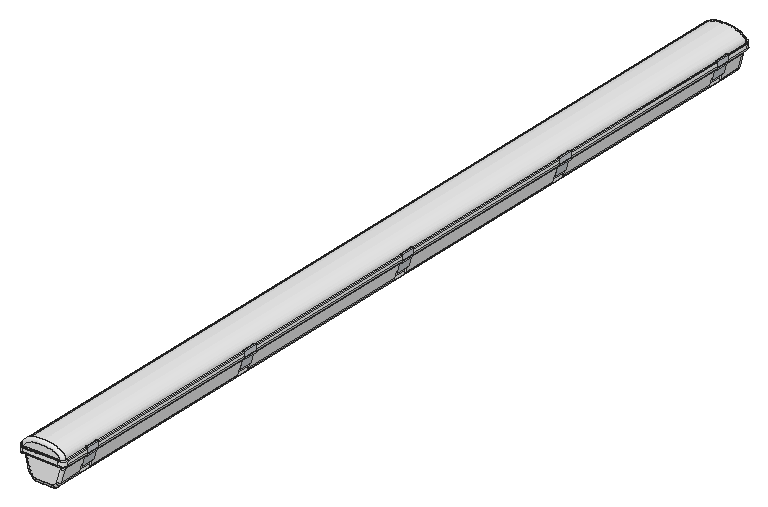
Revit family "0048754 Feilo Sylvania Lighting Fixture SYLPRF SUP LED G3 1500MM S 4K QC D MW", category Lighting Fixtures, host Face, Revit 2016
Family settings
  Host = Face
  Part Type = Normal
  Round Connector Dimension = Use Diameter
  OmniClass Number = 23.80.70.11.14
  OmniClass Title = General Luminaries, Directional
  Cut with Voids When Loaded = No
  Light Source = Yes
  Shared = No
  Room Calculation Point = No
Parameters (values of type "0048754 SYLPRF SUP LED G3 1500MM S 4K QC D MW")
  Width = 84 mm
  Weight = "2.17 kg"
  Wattage Comments = "n/a"
  Wattage = 32 W
  WarrantyStartDate [instance] = "n/a"
  WarrantyGuarantorParts = "n/a"
  WarrantyDurationUnit = "n/a"
  WarrantyDurationParts = "n/a"
  WarrantyDescription = "n/a"
  built-in parameter 1150110 = 1 (stored number, unit not read)
  Voltage = 230 V
  URL = "http://www.sylvania-lighting.com"
  TypeName = "SYLPRF SUP LED G3 1500MM S 4K QC D MW"
  Type Image = <None>
  Type Comments = "n/a"
  built-in parameter 1114217 = 1 (stored number, unit not read)
  Tilt Angle = -90.00°
  built-in parameter 1150109 = 1 (stored number, unit not read)
  built-in parameter 1150134 = 12
  built-in parameter 1150113 = 1 (stored number, unit not read)
  SerialNumber [instance] = "n/a"
  ReflectorMaterial = none
  PowerFactor = 0
  PowerConsumption = "32 W"
  Photometric Web File = "0048754.ies"
  NominalWidth = 0 mm
  NominalLength = 1578 mm
  NominalHeight = 75 mm
  Name = "SYLPRF SUP LED G3 1500MM S 4K QC D MW"
  ModelReference = "SYLPRF SUP LED G3 1500MM S 4K QC D MW"
  ModelNumber = "0048754"
  Model = "SYLPRF SUP LED G3 1500MM S 4K QC D MW"
  Material = "polycarbonate housing, polycarbonate diffuser"
  ManufacturerName = "Feilo Sylvania"
  Manufacturer = "Feilo Sylvania"
  LuminousEfficacy = "150 lm/W"
  built-in parameter 1150105 = 381.97 (stored number, unit not read)
  Lumens = 4800 lm
  LuminaireType = ""
  built-in parameter 1150115 = 1 (stored number, unit not read)
  LightOutputRatio = "n/a"
  built-in parameter 1150137 = (empty or 0)
  built-in parameter 1150139 = (empty or 0)
  Length = 1572 mm
  LampsType = Lamp  # "LED"
  LampNominalLuminous = "4800 lm"
  LampMacAdamStep = "3"
  LampColourTemperature = "4000 K"
  LampColourRenderingIndex = "80"
  built-in parameter 1150112 = 1 (stored number, unit not read)
  built-in parameter 1150114 = 1 (stored number, unit not read)
  Lamp = "LED"
  Keynote = "16500"
  InstallationDate [instance] = "n/a"
  InputVoltage = "220-240V~"
  InputNominalFrequency = "DC/50/60 Hz"
  built-in parameter 1150132 = (empty or 0)
  built-in parameter 1150102 = (empty or 0)
  built-in parameter 1150107 = 4000 (stored number, unit not read)
  built-in parameter 1150138 = (empty or 0)
  IngressProtection = "IP65"
  ImpactProtectionIndex = "IK08"
  built-in parameter 1150106 = 3.8197 (stored number, unit not read)
  IfcExportType = "IfcLightFixtureType"
  IfcExportAs = "IfcLightFixtureType"
  ExpectedLife = 50000
  Emit from Rectangle Width = Width - 20 mm  # 64 mm
  Emit from Rectangle Length = Length - 20 mm  # 1552 mm
  Emit Shape Visible in Rendering = no
  ElectricShockClassification = "Class I"
  built-in parameter 1150104 = 13.935 (stored number, unit not read)
  DurationUnit = "hours"
  DocumentationLiterature = "http://www.sylvania-lighting.com/product/en-int/products/0048754"
  DimmingControlOptions = "Dimmable"
  Dimming Lamp Color Temperature Shift = <None>
  DiffuserMaterial = Diffuser-Sylvania-Transparent
  Description = "Sylproof Superia, integrated LED weatherproof luminaire with quick connector, with UV stabilized flat diffuser and linear prisms designed to achieve uniform lit appearance, optimise light output and to reduce glare, stainless steel diffuser clips and fixing brackets for surface and wall mounting. L 1578 mm x W 84 mm x H 75 mm size, Polycarbonate housing, Polycarbonate diffuser, DALI dimmable, with MW sensor, 4000K, CRI80,  4800 lm, 32 W, 150 lm/W, nominal average life (h):50000, energy class: A++ A+ A Class I,IK08, IP65."
  Default Elevation = 1219.2 mm
  CreatedOn = "3/27/2018"
  CreatedBy = "aron.fodor@feilosylvania.com"
  Cost = 0
  Color Filter = 16777215
  built-in parameter 1114216 [instance] = (empty or 0)
  ClassificationValue = "EF_70_80"
  ClassificationName = "Uniclass2015"
  BodyMaterial = Body-Sylvania-Gray
  BarCode [instance] = "n/a"
  built-in parameter 1114218 = 1 (stored number, unit not read)
  built-in parameter 1150133 = 10 (stored number, unit not read)
  AssetType = "Fixed"
  AssetIdentifier [instance] = "n/a"
  Assembly Code = "D5020200"
  Apparent Load = 32 VA
  AccessoryMaterial = Diffuser-Sylvania-Glow
Reference planes
  plane 1 "Center (Front/Back)": y = 0
  plane 2: z = 0
  plane 3 "Center (Left/Right)": x = 0
  plane 4: z = 54
  plane 5: x = -14.7
  plane 6: x = -21.8
  plane 7: x = -26.6
  plane 8: x = -29.2
  plane 9: z = 3
  plane 10: z = 7.8
  plane 11: z = 12.3
  plane 12: z = 36.6
  plane 13: z = 42.8
  plane 14: x = -38.1
  plane 15: z = 46.2
  plane 16: x = -42
  plane 17: y = 786
  plane 18: y = -786
  plane 19: x = 14.7
  plane 20: x = 21.8
  plane 21: x = 26.6
  plane 22: x = 29.2
  plane 23: x = 38.1
  plane 24: x = 42
  plane 25: y = 778.4
  plane 26: y = -778.4
  plane 27: y = -774.7
  plane 28: y = 774.7
  plane 29: z = 74
  plane 30: x = -38.5
  plane 31: x = 38.5
  plane 32: z = 55.2
  plane 33: y = -782.5
  plane 34: y = 782.5
  plane 35: x = -24.5
  plane 36: x = 24.5
  plane 37: x = -35.7
  plane 38: x = 35.7
  plane 39: z = 50.2
  plane 40: z = 24.6
  plane 41: y = -720
  plane 42: y = -734
  plane 43: y = -706
  plane 44: y = 720
  plane 45: y = -720
  plane 46: y = -734
  plane 47: y = -706
  plane 48: y = 720
  plane 49: y = 706
  plane 50: y = 734
  plane 51: y = -360
  plane 52: y = -374
  plane 53: y = -346
  plane 54: y = 0
  plane 55: y = -14
  plane 56: y = 14
  plane 57: y = 360
  plane 58: y = 346
  plane 59: y = 374
Forms (mm)
  Sweep 1, solid, material "Body-Sylvania-Gray" <- "BodyMaterial", detail levels medium+fine
    path origin (1223.4, -4572, 54) x (0, -1, 0) y (1, 0, 0)
      loop
        arc (-3796, -1265.4) -> (-3788.929, -1262.471) -> (-3786, -1255.4) r 10
        line (-3786, -1255.4) -> (-3786, -1191.4)
        arc (-3786, -1191.4) -> (-3788.929, -1184.329) -> (-3796, -1181.4) r 10
        line (-3796, -1181.4) -> (-5348, -1181.4)
        arc (-5348, -1181.4) -> (-5355.071, -1184.329) -> (-5358, -1191.4) r 10
        line (-5358, -1191.4) -> (-5358, -1255.4)
        arc (-5358, -1255.4) -> (-5355.071, -1262.471) -> (-5348, -1265.4) r 10
        line (-5348, -1265.4) -> (-3796, -1265.4)
    profile origin (-42, 0, 54) x (-1, 0, 0) y (0, 0, 1)
      loop
        line (0, 0) -> (-1, 0) -> (-1, -7.726)
        arc (-1, -7.726) -> (-1.994, -9.498) -> (-3.9, -10.2) r 2.937
        line (-3.9, -10.2) -> (-8.571, -10.2) -> (-8.571, -11.2) -> (-3.9, -11.2)
        arc (-3.9, -11.2) -> (-1.313, -10.231) -> (0, -7.8) r 3.937
        line (0, -7.8) -> (0, 0)
  Sweep 2, solid, material "Body-Sylvania-Gray" <- "BodyMaterial", detail levels medium+fine
    path origin (0, 0, 0) x (1, 0, 0) y (0, 0, 1)
      loop
        line (35.7, 42.8) -> (35.7, 36.6) -> (29.203, 12.31)
        arc (29.203, 12.31) -> (28.199, 9.884) -> (26.6, 7.8) r 10.052
        line (26.6, 7.8) -> (21.8, 3)
        arc (21.8, 3) -> (18.554, 0.781) -> (14.7, 0) r 9.902
        line (14.7, 0) -> (0, 0) -> (-14.7, 0)
        arc (-14.7, 0) -> (-18.554, 0.781) -> (-21.8, 3) r 9.902
        line (-21.8, 3) -> (-26.6, 7.8)
        arc (-26.6, 7.8) -> (-28.199, 9.884) -> (-29.203, 12.31) r 10.052
        line (-29.203, 12.31) -> (-35.7, 36.6) -> (-35.7, 42.8)
    profile origin (0, 0, 0) x (0, 0, -1) y (0, -1, 0)
      loop
        arc (0, 773.4) -> (-1.464, 776.936) -> (-5, 778.4) r 5
        line (-5, 778.4) -> (-7.8, 778.4) -> (-7.8, -778.4) -> (-5, -778.4)
        arc (-5, -778.4) -> (-1.464, -776.936) -> (0, -773.4) r 5
        line (0, -773.4) -> (0, 773.4)
  Extrusion 3, solid, material "Body-Sylvania-Gray" <- "BodyMaterial", detail levels medium+fine
    sketch origin (1524, 778.4, 1219.2) x (1, 0, 0) y (0, 0, 1)
      loop
        arc (-1545.668, -1204.874) -> (-1545.443, -1205.418) -> (-1545.085, -1205.885) r 2.252
        line (-1545.085, -1205.885) -> (-1540.231, -1210.738)
        arc (-1540.231, -1210.738) -> (-1539.534, -1211.227) -> (-1538.7, -1211.4) r 2.102
        line (-1538.7, -1211.4) -> (-1509.3, -1211.4)
        arc (-1509.3, -1211.4) -> (-1508.466, -1211.227) -> (-1507.769, -1210.738) r 2.102
        line (-1507.769, -1210.738) -> (-1502.915, -1205.885)
        arc (-1502.915, -1205.885) -> (-1502.557, -1205.418) -> (-1502.332, -1204.874) r 2.252
        line (-1502.332, -1204.874) -> (-1496.1, -1181.575) -> (-1496.1, -1176.4) -> (-1551.9, -1176.4) -> (-1551.9, -1181.575) -> (-1545.668, -1204.874)
    from 0 to 1556.8
  Sweep 4, solid, material "Diffuser-Sylvania-Transparent" <- "DiffuserMaterial", detail levels medium+fine
    path origin (0, 0, 0) x (1, 0, 0) y (0, 0, 1)
      loop
        spline (-38.5, 55.2) -> (-37.188, 60.066) -> (-33.342, 64.6) -> (-27.224, 68.494) -> (-19.25, 71.481) -> (-9.965, 73.359) -> (0, 74) -> (9.965, 73.359) -> (19.25, 71.481) -> (27.224, 68.494) -> (33.342, 64.6) -> (37.188, 60.066) -> (38.5, 55.2)
    profile origin (38.5, 0, 55.2) x (0, -1, 0) y (1, 0, 0)
      loop
        arc (782.5, -5.5) -> (780.889, -1.611) -> (777, 0) r 5.5
        line (777, 0) -> (-777, 0)
        arc (-777, 0) -> (-780.889, -1.611) -> (-782.5, -5.5) r 5.5
        line (-782.5, -5.5) -> (-782.5, -6.3) -> (-781.5, -6.3) -> (-781.5, -5.5)
        arc (-781.5, -5.5) -> (-780.182, -2.318) -> (-777, -1) r 4.5
        line (-777, -1) -> (777, -1)
        arc (777, -1) -> (780.182, -2.318) -> (781.5, -5.5) r 4.5
        line (781.5, -5.5) -> (781.5, -6.347) -> (782.5, -6.347) -> (782.5, -5.5)
  Extrusion 5, solid, material "Diffuser-Sylvania-Transparent" <- "DiffuserMaterial", detail levels medium+fine
    sketch origin (1524, -782.5, 1219.2) x (1, 0, 0) y (0, 0, 1)
      loop
        line (-1556.653, -1164) -> (-1491.347, -1164)
        spline (-1491.347, -1164) -> (-1491.939, -1161.945) -> (-1494.434, -1159.066) -> (-1499.342, -1155.96) -> (-1506.338, -1153.35) -> (-1514.799, -1151.648) -> (-1524, -1151.047) -> (-1533.201, -1151.648) -> (-1541.662, -1153.35) -> (-1548.658, -1155.96) -> (-1553.566, -1159.066) -> (-1556.061, -1161.945) -> (-1556.653, -1164)
    from 0 to -1
  Extrusion 6, solid, material "Diffuser-Sylvania-Transparent" <- "DiffuserMaterial", detail levels medium+fine
    sketch origin (1524, 782.5, 1219.2) x (1, 0, 0) y (0, 0, 1)
      loop
        spline (-1491.3, -1164) -> (-1491.898, -1161.922) -> (-1494.404, -1159.03) -> (-1499.322, -1155.918) -> (-1506.325, -1153.305) -> (-1514.793, -1151.602) -> (-1524, -1151) -> (-1533.207, -1151.602) -> (-1541.675, -1153.305) -> (-1548.678, -1155.918) -> (-1553.596, -1159.03) -> (-1556.102, -1161.922) -> (-1556.7, -1164)
        line (-1556.7, -1164) -> (-1491.3, -1164)
    from 0 to 1
  Extrusion 7, solid, material "Diffuser-Sylvania-Glow" <- "AccessoryMaterial", detail levels fine
    sketch origin (0, 0, 0) x (1, 0, 0) y (0, 0, 1)
      loop
        circle (0, 50.2) r 8
    from -774.7 to 774.7
  Extrusion 8, void
    sketch origin (0, -720, 2343.807) x (0, 0, -1) y (-1, 0, 0)
      loop
        line (2340.807, -24.5) -> (2331.507, -24.5) -> (2319.207, -29.2) -> (2319.207, -35.7) -> (2340.807, -35.7) -> (2340.807, -24.5)
      loop
        line (2340.807, 24.5) -> (2340.807, 35.7) -> (2319.207, 35.7) -> (2319.207, 29.2) -> (2331.507, 24.5) -> (2340.807, 24.5)
    from 14 to -14
  Extrusion 9, void, not visible
    sketch origin (0, -720, 2343.807) x (0, 0, -1) y (-1, 0, 0)
      loop
        line (2340.807, -24.5) -> (2331.507, -24.5) -> (2319.207, -29.2) -> (2319.207, -35.7) -> (2340.807, -35.7) -> (2340.807, -24.5)
      loop
        line (2340.807, 24.5) -> (2340.807, 35.7) -> (2319.207, 35.7) -> (2319.207, 29.2) -> (2331.507, 24.5) -> (2340.807, 24.5)
    from 14 to -14
  Extrusion 10, void
    sketch origin (0, 720, 2343.807) x (0, 0, -1) y (-1, 0, 0)
      loop
        line (2340.807, -24.5) -> (2331.507, -24.5) -> (2319.207, -29.2) -> (2319.207, -35.7) -> (2340.807, -35.7) -> (2340.807, -24.5)
      loop
        line (2340.807, 24.5) -> (2340.807, 35.7) -> (2319.207, 35.7) -> (2319.207, 29.2) -> (2331.507, 24.5) -> (2340.807, 24.5)
    from 14 to -14
  Extrusion 11, void
    sketch origin (0, -360, 2343.807) x (0, 0, -1) y (-1, 0, 0)
      loop
        line (2340.807, -24.5) -> (2331.507, -24.5) -> (2319.207, -29.2) -> (2319.207, -35.7) -> (2340.807, -35.7) -> (2340.807, -24.5)
      loop
        line (2340.807, 24.5) -> (2340.807, 35.7) -> (2319.207, 35.7) -> (2319.207, 29.2) -> (2331.507, 24.5) -> (2340.807, 24.5)
    from 14 to -14
  Extrusion 12, void
    sketch origin (0, 0, 2343.807) x (0, 0, -1) y (-1, 0, 0)
      loop
        line (2340.807, -24.5) -> (2331.507, -24.5) -> (2319.207, -29.2) -> (2319.207, -35.7) -> (2340.807, -35.7) -> (2340.807, -24.5)
      loop
        line (2340.807, 24.5) -> (2340.807, 35.7) -> (2319.207, 35.7) -> (2319.207, 29.2) -> (2331.507, 24.5) -> (2340.807, 24.5)
    from 14 to -14
  Extrusion 13, void
    sketch origin (0, 360, 2343.807) x (0, 0, -1) y (-1, 0, 0)
      loop
        line (2340.807, -24.5) -> (2331.507, -24.5) -> (2319.207, -29.2) -> (2319.207, -35.7) -> (2340.807, -35.7) -> (2340.807, -24.5)
      loop
        line (2340.807, 24.5) -> (2340.807, 35.7) -> (2319.207, 35.7) -> (2319.207, 29.2) -> (2331.507, 24.5) -> (2340.807, 24.5)
    from 14 to -14
  Extrusion 14, solid, material "Diffuser-Sylvania-Transparent" <- "DiffuserMaterial", detail levels medium+fine
    sketch origin (1223.4, -4572, 54) x (0, -1, 0) y (-1, 0, 0)
      loop
        arc (-5348, 1265.4) -> (-5355.071, 1262.471) -> (-5358, 1255.4) r 10
        line (-5358, 1255.4) -> (-5358, 1191.4)
        arc (-5358, 1191.4) -> (-5355.071, 1184.329) -> (-5348, 1181.4) r 10
        line (-5348, 1181.4) -> (-3796, 1181.4)
        arc (-3796, 1181.4) -> (-3788.929, 1184.329) -> (-3786, 1191.4) r 10
        line (-3786, 1191.4) -> (-3786, 1255.4)
        arc (-3786, 1255.4) -> (-3788.929, 1262.471) -> (-3796, 1265.4) r 10
        line (-3796, 1265.4) -> (-5348, 1265.4)
      loop
        arc (-5354.5, 1190.394) -> (-5352.887, 1186.509) -> (-5349, 1184.9) r 5.5
        line (-5349, 1184.9) -> (-3795, 1184.9)
        arc (-3795, 1184.9) -> (-3791.113, 1186.509) -> (-3789.5, 1190.394) r 5.5
        line (-3789.5, 1190.394) -> (-3789.5, 1256.406)
        arc (-3789.5, 1256.406) -> (-3791.113, 1260.291) -> (-3795, 1261.9) r 5.5
        line (-3795, 1261.9) -> (-5349, 1261.9)
        arc (-5349, 1261.9) -> (-5352.887, 1260.291) -> (-5354.5, 1256.406) r 5.5
        line (-5354.5, 1256.406) -> (-5354.5, 1190.394)
    from 0 to -1.2
  Extrusion 15, solid, material "Body-Sylvania-Gray" <- "BodyMaterial", detail levels coarse
    sketch origin (0, 0, 0) x (1, 0, 0) y (0, 0, 1)
      loop
        line (-42, 55.2) -> (-42, 42.8) -> (-26.6, 0) -> (26.6, 0) -> (42, 42.8) -> (42, 55.2) -> (-42, 55.2)
    from -786 to 786
  Extrusion 16, solid, material "Diffuser-Sylvania-Transparent" <- "DiffuserMaterial", detail levels coarse
    sketch origin (0, 0, 0) x (1, 0, 0) y (0, 0, 1)
      loop
        line (-38.5, 55.2) -> (38.5, 55.2)
        arc (38.5, 55.2) -> (0, 74) -> (-38.5, 55.2) r 48.822
    from -778.4 to 778.4
Cuts and joins
  Extrusion 8, Extrusion 10, Extrusion 11, Extrusion 12, Extrusion 13 cuts Sweep 2
  Extrusion 8, Extrusion 10, Extrusion 11, Extrusion 12, Extrusion 13 cuts Extrusion 3
  joined: Sweep 2, Extrusion 3
  joined: Sweep 4, Extrusion 5, Extrusion 6, Extrusion 14
Dimensions and locks
  locked: plane 4 to plane 2 at 54
  plane 5 to plane 6 to plane 7 to plane 8 to plane 14 to plane 16 = 7.1 mm locked, 4.8 mm locked, 2.6 mm locked, 8.9 mm locked, 3.9 mm locked
  plane 4 to plane 15 to plane 13 to plane 12 to plane 11 to plane 10 to plane 9 = 7.8 mm locked, 3.4 mm, 6.2 mm locked, 24.3 mm locked, 4.5 mm locked, 4.8 mm locked
  equal spacing: plane 18, plane 1 "Center (Front/Back)", plane 17
  "Length": plane 18 to plane 17
  plane 19 to plane 20 to plane 21 to plane 22 to plane 23 to plane 24 = 7.1 mm locked, 4.8 mm locked, 2.6 mm locked, 8.9 mm, 3.9 mm
  equal spacing: plane 24, plane 3 "Center (Left/Right)", plane 16
  "Width": plane 24 to plane 16
  equal spacing: plane 27, plane 1 "Center (Front/Back)", plane 28
  locked: plane 26 to plane 27 at 3.7
  locked: Sweep 1 sketch curve to profile plane at 1
  locked: Sweep 1 sketch curve to plane 13 at 1
  locked: Sweep 1 sketch curve to plane 13 at 3.937  (x2)
  locked: Sweep 1 sketch curve to profile plane at 3.9  (x2)
  plane 29 to plane 4 = 20 mm
  equal spacing: plane 31, plane 3 "Center (Left/Right)", plane 30
  locked: plane 30 to plane 16 at 3.5
  locked: plane 32 to plane 4 at 1.2
  equal spacing: plane 33, plane 1 "Center (Front/Back)", plane 34
  equal spacing: plane 36, plane 3 "Center (Left/Right)", plane 35
  locked: plane 34 to plane 17 at 3.5
  equal spacing: plane 38, plane 3 "Center (Left/Right)", plane 37
  locked: plane 37 to plane 16 at 6.3
  equal spacing: plane 25, plane 1 "Center (Front/Back)", plane 26
  locked: plane 17 to plane 25 at 7.6
  locked: Sweep 2 sketch curve to plane 2 at 5  (x2)
  locked: Sweep 2 sketch curve to plane 26 at 5
  locked: plane 25 to Sweep 2 sketch curve at 5
  locked: Sweep 4 sketch curve to plane 31 at 5.5  (x2)
  locked: Sweep 4 sketch curve to plane 34 at 5.5
  plane 33 to Sweep 4 sketch curve = 5.5 mm
  locked: plane 34 to Sweep 4 sketch curve at 1
  locked: Sweep 4 sketch curve to plane 31 at 1
  locked: Sweep 4 sketch curve to Sweep 4 sketch curve at 1
  locked: Sweep 4 sketch curve to plane 31 at 6.347
  locked: Sweep 4 sketch curve to plane 31 at 6.3
  locked: plane 40 to plane 2 at 24.6
  locked: plane 6 to plane 35 at 2.7
  locked: plane 1 "Center (Front/Back)" to plane 41 at 720
  plane 43 to plane 41 to plane 42 = 14 mm locked, 14 mm locked
  locked: plane 44 to plane 1 "Center (Front/Back)" at 720
  plane 47 to plane 45 to plane 46 = 14 mm locked, 14 mm locked
  plane 50 to plane 48 to plane 49 = 14 mm locked, 14 mm locked  (x2)
  equal spacing: group 1, group 6, group 7, group 8, group 5  (x3)
  plane 53 to plane 51 to plane 52 = 14 mm locked, 14 mm locked  (x2)
  plane 56 to plane 54 to plane 55 = 14 mm locked, 14 mm locked  (x2)
  plane 59 to plane 57 to plane 58 = 14 mm locked, 14 mm locked  (x2)
  plane 48 to plane 57 to plane 1 "Center (Front/Back)" to plane 51 to plane 41 = 360 mm locked, 360 mm locked, 360 mm locked, 360 mm locked
  aligned and locked: plane 2 to host face
  aligned and locked: level to host face
  aligned and locked: plane 16 to Sweep 1 sketch curve
  aligned and locked: Sweep 1 sketch curve to plane 24
  aligned and locked: plane 18 to Sweep 1 sketch curve
  aligned and locked: Sweep 1 sketch curve to plane 13
  aligned and locked: profile plane to Sweep 1 sketch curve
  aligned and locked: plane 3 "Center (Left/Right)" to Sweep 2 sketch curve
  aligned and locked: plane 9 to Sweep 2 sketch curve
  aligned and locked: plane 10 to Sweep 2 sketch curve
  aligned and locked: plane 37 to Sweep 2 sketch curve
  aligned and locked: plane 12 to Sweep 2 sketch curve
  aligned and locked: Sweep 2 sketch curve to level
  aligned and locked: plane 21 to Sweep 2 sketch curve
  aligned and locked: plane 38 to Sweep 2 sketch curve
  aligned and locked: profile plane to Sweep 2 sketch curve
  aligned and locked: plane 25 to Sweep 2 sketch curve
  aligned and locked: Sweep 2 sketch curve to plane 10
  aligned and locked: Extrusion 3 sketch curve to Sweep 2  (x7)
  aligned and locked: Sweep 2 to Extrusion 3 sketch curve
  aligned and locked: Extrusion 3 to plane 25
  aligned and locked: plane 26 to Extrusion 3
  aligned and locked: plane 32 to Sweep 4 sketch curve
  aligned and locked: plane 33 to Sweep 4 sketch curve
  aligned and locked: Sweep 4 to Extrusion 5
  aligned and locked: plane 33 to Extrusion 5
  aligned and locked: plane 39 to Extrusion 7 sketch curve
  aligned and locked: plane 27 to Extrusion 7
  aligned and locked: Extrusion 7 to plane 28
  aligned and locked: Extrusion 6 sketch curve to Sweep 4
  aligned and locked: Extrusion 5 sketch curve to Sweep 4
  aligned and locked: Extrusion 8 to plane 43
  aligned and locked: plane 42 to Extrusion 8
  aligned and locked: Extrusion 10 to plane 50
  aligned and locked: plane 49 to Extrusion 10
  aligned and locked: Extrusion 11 to plane 53
  aligned and locked: plane 52 to Extrusion 11
  aligned and locked: Extrusion 12 to plane 56
  aligned and locked: plane 55 to Extrusion 12
  aligned and locked: Extrusion 13 to plane 59
  aligned and locked: plane 58 to Extrusion 13
  aligned and locked: plane 3 "Center (Left/Right)" to Extrusion 7 sketch curve
  aligned and locked: Extrusion 14 sketch curve to Sweep 1  (x4)
  aligned and locked: Extrusion 14 to plane 32
  aligned and locked: plane 4 to Extrusion 14
  aligned and locked: plane 48 to nested 1
  aligned and locked: plane 57 to nested 2
  aligned and locked: plane 54 to nested 3
  aligned and locked: nested 4 to plane 51
  aligned and locked: nested 5 to plane 41
  aligned and locked: plane 41 to nested 10
  aligned and locked: plane 51 to nested 9
  aligned and locked: plane 54 to nested 8
  aligned and locked: plane 57 to nested 7
  aligned and locked: plane 48 to nested 6
  aligned and locked: plane 1 "Center (Front/Back)" to imposter light
  aligned and locked: plane 3 "Center (Left/Right)" to imposter light
  aligned and locked: imposter light to plane 29
  aligned and locked: plane 7 to Extrusion 15 sketch curve
  aligned and locked: plane 2 to Extrusion 15 sketch curve
  aligned and locked: Extrusion 15 sketch curve to nested 6
  aligned and locked: Extrusion 15 sketch curve to nested 1
  aligned and locked: plane 18 to Extrusion 15
  aligned and locked: Extrusion 15 to plane 17
  aligned and locked: Extrusion 15 to Sweep 1  (x2)
  aligned and locked: plane 30 to Extrusion 16 sketch curve
  aligned and locked: plane 31 to Extrusion 16 sketch curve
  aligned and locked: Extrusion 16 sketch curve to cut or joined group of Sweep 4, Extrusion 5, Extrusion 6, Extrusion 14
  aligned and locked: Extrusion 16 to plane 25
  aligned and locked: plane 26 to Extrusion 16
Automatic sketch dimensions
  host sketch curve to host sketch curve = 2438.4 mm  (x2)
  plane 17 to Sweep 1 sketch curve = 0 mm
  Sweep 1 sketch curve to plane 28 = 1.3 mm
  Sweep 1 sketch curve to plane 7 = 5.4 mm
  plane 27 to Sweep 1 sketch curve = 1.3 mm  (x2)
  Sweep 1 sketch curve to Sweep 1 sketch curve = 4.671 mm
  Sweep 1 sketch curve to plane 4 = 0 mm
  Sweep 2 sketch curve to plane 7 = 0 mm
  Sweep 2 sketch curve to plane 6 = 0 mm
  Sweep 2 sketch curve to plane 5 = 0 mm
  plane 19 to Sweep 2 sketch curve = 0 mm
  Sweep 2 sketch curve to plane 9 = 0 mm
  plane 20 to Sweep 2 sketch curve = 0 mm
  Sweep 2 sketch curve to plane 12 = 0 mm
  Sweep 2 sketch curve to plane 10 = 0 mm
  Sweep 2 sketch curve to plane 13 = 0 mm  (x2)
  Sweep 2 sketch curve to plane 8 = 0.003 mm
  plane 6 to Sweep 2 sketch curve = 2.308 mm
  plane 20 to Sweep 2 sketch curve = 2.308 mm
  Sweep 2 sketch curve to plane 22 = 0.003 mm
  Sweep 2 sketch curve to plane 11 = 0.01 mm  (x2)
  Extrusion 3 sketch curve to plane 5 = 0 mm
  plane 19 to Extrusion 3 sketch curve = 0 mm
  plane 6 to Extrusion 3 sketch curve = 0.132 mm
  plane 6 to Extrusion 3 sketch curve = 0.715 mm
  Extrusion 3 sketch curve to Extrusion 3 sketch curve = 1.592 mm
  Extrusion 3 sketch curve to plane 10 = 0.662 mm  (x2)
  plane 20 to Extrusion 3 sketch curve = 2.308 mm
  plane 20 to Extrusion 3 sketch curve = 0.715 mm
  plane 20 to Extrusion 3 sketch curve = 0.132 mm
  Sweep 4 sketch curve to plane 30 = 0 mm
  Sweep 4 sketch curve to plane 3 "Center (Left/Right)" = 0 mm
  Sweep 4 sketch curve to Sweep 4 sketch curve = 0 mm  (x2)
  plane 37 to Extrusion 6 sketch curve = 3 mm
  Extrusion 6 sketch curve to plane 38 = 3 mm
  plane 37 to Extrusion 5 sketch curve = 3.047 mm
  Extrusion 5 sketch curve to plane 38 = 3.047 mm
  Extrusion 8 sketch curve to Extrusion 8 sketch curve = 0 mm
  Extrusion 8 sketch curve to Extrusion 8 sketch curve = 12.3 mm  (x2)
  Extrusion 8 sketch curve to Extrusion 8 sketch curve = 9.3 mm  (x2)
  Extrusion 8 sketch curve to Extrusion 8 sketch curve = 6.5 mm  (x2)
  Extrusion 8 sketch curve to Extrusion 8 sketch curve = 4.7 mm  (x2)
  Extrusion 8 sketch curve to Extrusion 8 sketch curve = 49 mm
  Extrusion 9 sketch curve to Extrusion 9 sketch curve = 0 mm
  Extrusion 9 sketch curve to Extrusion 9 sketch curve = 12.3 mm  (x2)
  Extrusion 9 sketch curve to Extrusion 9 sketch curve = 9.3 mm  (x2)
  Extrusion 9 sketch curve to Extrusion 9 sketch curve = 6.5 mm  (x2)
  Extrusion 9 sketch curve to Extrusion 9 sketch curve = 4.7 mm  (x2)
  Extrusion 9 sketch curve to Extrusion 9 sketch curve = 49 mm
  Extrusion 10 sketch curve to Extrusion 10 sketch curve = 0 mm
  Extrusion 10 sketch curve to Extrusion 10 sketch curve = 12.3 mm  (x2)
  Extrusion 10 sketch curve to Extrusion 10 sketch curve = 9.3 mm  (x2)
  Extrusion 10 sketch curve to Extrusion 10 sketch curve = 6.5 mm  (x2)
  Extrusion 10 sketch curve to Extrusion 10 sketch curve = 4.7 mm  (x2)
  Extrusion 10 sketch curve to Extrusion 10 sketch curve = 49 mm
  Extrusion 11 sketch curve to Extrusion 11 sketch curve = 0 mm
  Extrusion 11 sketch curve to Extrusion 11 sketch curve = 12.3 mm  (x2)
  Extrusion 11 sketch curve to Extrusion 11 sketch curve = 9.3 mm  (x2)
  Extrusion 11 sketch curve to Extrusion 11 sketch curve = 6.5 mm  (x2)
  Extrusion 11 sketch curve to Extrusion 11 sketch curve = 4.7 mm  (x2)
  Extrusion 11 sketch curve to Extrusion 11 sketch curve = 49 mm
  Extrusion 12 sketch curve to Extrusion 12 sketch curve = 0 mm
  Extrusion 12 sketch curve to Extrusion 12 sketch curve = 12.3 mm  (x2)
  Extrusion 12 sketch curve to Extrusion 12 sketch curve = 9.3 mm  (x2)
  Extrusion 12 sketch curve to Extrusion 12 sketch curve = 6.5 mm  (x2)
  Extrusion 12 sketch curve to Extrusion 12 sketch curve = 4.7 mm  (x2)
  Extrusion 12 sketch curve to Extrusion 12 sketch curve = 49 mm
  Extrusion 13 sketch curve to Extrusion 13 sketch curve = 0 mm
  Extrusion 13 sketch curve to Extrusion 13 sketch curve = 12.3 mm  (x2)
  Extrusion 13 sketch curve to Extrusion 13 sketch curve = 9.3 mm  (x2)
  Extrusion 13 sketch curve to Extrusion 13 sketch curve = 6.5 mm  (x2)
  Extrusion 13 sketch curve to Extrusion 13 sketch curve = 4.7 mm  (x2)
  Extrusion 13 sketch curve to Extrusion 13 sketch curve = 49 mm
  Extrusion 14 sketch curve to plane 34 = 0 mm
  plane 30 to Extrusion 14 sketch curve = 0 mm
  Extrusion 14 sketch curve to plane 31 = 0 mm
  plane 33 to Extrusion 14 sketch curve = 0 mm
  plane 25 to Extrusion 14 sketch curve = 1.4 mm  (x4)
  Extrusion 14 sketch curve to plane 26 = 1.4 mm  (x4)
  plane 37 to Extrusion 14 sketch curve = 2.694 mm  (x2)
  Extrusion 14 sketch curve to plane 38 = 2.694 mm  (x2)
  plane 21 to Extrusion 15 sketch curve = 0 mm
  Extrusion 15 sketch curve to plane 13 = 0 mm  (x2)
  Extrusion 15 sketch curve to plane 32 = 0 mm
  Extrusion 16 sketch curve to plane 40 = 0.578 mm
  radius of Extrusion 7 sketch curve = 8 mm
Nested families
  nested 1: "Clip" at (-29.2, 720, 24.6) x (-1, 0, 0) z (0, 0, 1), type "Clip", detail levels fine
  nested 2: "Clip" at (-29.2, 360, 24.6) x (-1, 0, 0) z (0, 0, 1), type "Clip", detail levels fine
  nested 3: "Clip" at (-29.2, 0, 24.6) x (-1, 0, 0) z (0, 0, 1), type "Clip", detail levels fine
  nested 4: "Clip" at (-29.2, -360, 24.6) x (-1, 0, 0) z (0, 0, 1), type "Clip", detail levels fine
  nested 5: "Clip" at (-29.2, -720, 24.6) x (-1, 0, 0) z (0, 0, 1), type "Clip", detail levels fine
  nested 6: "Clip" at (29.2, 720, 24.6), type "Clip", detail levels fine
  nested 7: "Clip" at (29.2, 360, 24.6), type "Clip", detail levels fine
  nested 8: "Clip" at (29.2, 0, 24.6), type "Clip", detail levels fine
  nested 9: "Clip" at (29.2, -360, 24.6), type "Clip", detail levels fine
  nested 10: "Clip" at (29.2, -720, 24.6), type "Clip", detail levels fine
Connectors
  electrical at (0, 0, 0), driven by "Apparent Load"
    settings: index 1, voltage 230 V, apparent load 32 VA, apparent load phase1 0 VA, apparent load phase2 0 VA, apparent load phase3 0 VA, power factor 0, load classification "Lighting", number of poles 1, system type 30, power factor state 1, is connector primary yes, connector utility no, sub classification motor no, connector description ""
Definition of nested family "Clip"
  Parameters (values of type "Clip")
    URL = "http://www.feilosylvania.com"
    Type Comments = "n/a"
    Model = "n/a"
    Manufacturer = "Feilo Sylvania"
    Keynote = "n/a"
    Description = "n/a"
    Default Elevation = 1219.2 mm
    Cost = 0
    BodyMaterial = none
    Assembly Code = "n/a"
  Reference planes
    plane 1 "Center (Front/Back)": y = 0
    plane 2: z = 0
    plane 3 "Center (Left/Right)": x = 0
    plane 4: x = 3.3
    plane 5: x = 6.5
    plane 6: x = 8.9
    plane 7: x = 12.8
    plane 8: z = 12
    plane 9: z = 18.2
    plane 10: z = 21.6
    plane 11: z = 30.6
    plane 12: x = 9.3
    plane 13: z = 19.2
    plane 14: z = 16.2
    plane 15: x = 10.1
    plane 16: y = 12
    plane 17: y = -12
  Forms (mm)
    Extrusion 1, solid
      sketch origin (-0.8, 0, 0) x (1, 0, 0) y (0, 1, 0)
        loop
          line (-1219.2, 1219.2) -> (-1219.2, -1219.2) -> (1219.2, -1219.2) -> (1219.2, 1219.2) -> (-1219.2, 1219.2)
      from 0 to -304.8
    Extrusion 2, solid
      sketch origin (0, 0, 0) x (1, 0, 0) y (0, 0, 1)
        loop
          line (8.9, 16.2) -> (4.58, 0) -> (0, 0) -> (0, -0.8) -> (5.195, -0.8) -> (9.603, 15.731) -> (13.6, 18.806) -> (13.6, 30.6)
          arc (13.6, 30.6) -> (11.45, 32.75) -> (9.3, 30.6) r 2.15
          line (9.3, 30.6) -> (10.1, 30.6)
          arc (10.1, 30.6) -> (11.45, 31.95) -> (12.8, 30.6) r 1.35
          line (12.8, 30.6) -> (12.8, 19.2) -> (8.9, 16.2)
      from -12 to 12
  Lines and regions (mm)
    reference lines
      curve 1: line (3.3, 0, 0) -> (6.5, 0, 12)
      curve 2: arc (8.9, 0, 18.2) -> (11.488, 0, 19.169) -> (12.8, 0, 21.6) r 3.934
  Dimensions and locks
    plane 7 to plane 6 to plane 5 to plane 4 to plane 3 "Center (Left/Right)" = 3.9 mm locked, 2.4 mm locked, 3.2 mm locked, 3.3 mm locked
    plane 11 to plane 10 to plane 9 to plane 8 to plane 2 = 9 mm locked, 3.4 mm locked, 6.2 mm locked, 12 mm locked
    locked: plane 7 to plane 12 at 3.5
    locked: plane 13 to plane 9 at 1
    locked: plane 9 to plane 14 at 2
    locked: plane 15 to plane 12 at 0.8
    locked: plane 2 to Extrusion 2 sketch curve at 0.8
    locked: Extrusion 2 sketch curve to Extrusion 2 sketch curve at 0.8  (x3)
    locked: plane 7 to Extrusion 2 sketch curve at 1.35
    equal spacing: plane 17, plane 1 "Center (Front/Back)", plane 16
    locked: plane 1 "Center (Front/Back)" to plane 16 at 12
    aligned and locked: plane 2 to Extrusion 1
    aligned and locked: level to Extrusion 1
    aligned and locked: plane 4 to curve 1
    aligned and locked: plane 5 to curve 1
    aligned and locked: plane 6 to curve 2
    aligned and locked: plane 10 to curve 2
    aligned and locked: plane 14 to Extrusion 2 sketch curve
    aligned and locked: plane 13 to Extrusion 2 sketch curve
    aligned and locked: plane 7 to Extrusion 2 sketch curve
    aligned and locked: plane 3 "Center (Left/Right)" to Extrusion 2 sketch curve
    aligned and locked: Extrusion 2 sketch curve to level
    aligned and locked: Extrusion 2 sketch curve to plane 11
    aligned and locked: plane 11 to Extrusion 2 sketch curve
    aligned and locked: Extrusion 2 to plane 16
    aligned and locked: plane 17 to Extrusion 2
  Automatic sketch dimensions
    Extrusion 1 sketch curve to Extrusion 1 sketch curve = 2438.4 mm  (x2)
    curve 2 to plane 7 = 0 mm
    curve 1 to level = 0 mm
    curve 1 to plane 8 = 0 mm
    curve 2 to plane 9 = 0 mm
    plane 6 to curve 2 = 0.002 mm
    Extrusion 2 sketch curve to Extrusion 2 sketch curve = 0 mm
    Extrusion 2 sketch curve to plane 6 = 0 mm
    plane 4 to Extrusion 2 sketch curve = 1.28 mm
